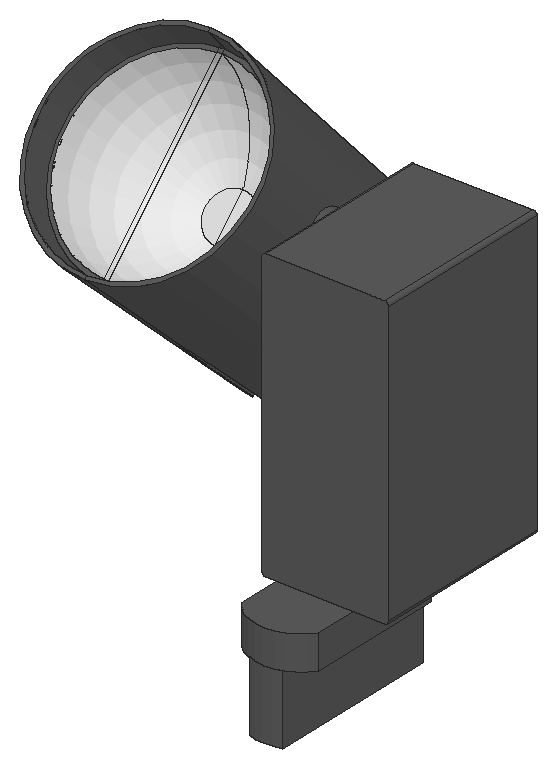
Revit family "0004835 Feilo Sylvania Lighting Fixture START TRACK SPOT S 14W 3K RA80 NB BLACK", category Lighting Fixtures, host Face, Revit 2017 (continued)
Definition of nested family "Start Track Spot Head"
  Types (96, lengths in mm): name | Wattage | built-in parameter 1150134 | Photometric Web File | Model | built-in parameter 1150105 | Lumens | built-in parameter 1150107 | built-in parameter 1150106 | HeadThickness_FEILO | HeadRibOffset_FEILO | HeadRibDepth_FEILO | HeadRibCutWidth_FEILO | HeadRibCutOffset_FEILO | HeadReflectorRadius_FEILO | HeadReflectorOffset_FEILO | HeadLEDRadius_FEILO | HeadHeight_FEILO | HeadDiffusorOffset_FEILO | HeadDiaOut_FEILO | HeadDiaIn_FEILO | HeadAxisFromTop_FEILO | Emit from Circle Diameter | built-in parameter 1150104 | Description | Apparent Load
    0004864 START TRACK SPOT S 24W 3K RA90 WB WHITE | 24 W | (empty or 0) | "0004864.ies" | "START TRACK SPOT S 24W 3K RA90 WB WHITE" | 152.79 (stored number, unit not read) | 1920 lm | 3000 (stored number, unit not read) | 1.5279 (stored number, unit not read) | 1.5 | 4.179 | 55.714 | 7.167 | 50.87 | 50.588 | 55.714 | 9.556 | 117 | 9.435 | 86 | 77.477 | 69.354 | 77.477 | 7.4322 (stored number, unit not read) | "Integrated LED spotlight, Textured White - RAL9016, compact and minimalist design, ideal for retail applications, die-cast aluminium body, passive cooling heatsink. Beam angle: 64°, color temperature: 3000K , total system power: 24W, total fixture output: 1928 lm, LOR: 100%, colour rendering: Ra: 90 typical, LED Chromaticity: 3 step MacAdam ellipse, lifetime: >50000 hours at L70B50, energy class: A++, A+, A, IR/UV free light source without heat radiation, operating voltage: 220-240V / 50-60Hz, drive current: 600mA, electronic driver, non-dimmable, power factor: 0.95, electrical protection: Class II, Global Track 3 Phase adapter suitable for Global trac 3-circuit tracks, ingress protection rating: IP20, suitable for internal environment only, horizontal rotation: 355°, vertical tilt: 90°, dimensions: Ø86x140x200, weight: 0.966kg." | 24 VA
    0004863 START TRACK SPOT S 24W 3K RA90 MB WHITE | 24 W | (empty or 0) | "0004863.ies" | "START TRACK SPOT S 24W 3K RA90 MB WHITE" | 154.7 (stored number, unit not read) | 1944 lm | 3000 (stored number, unit not read) | 1.547 (stored number, unit not read) | 1.5 | 4.179 | 55.714 | 7.167 | 50.87 | 50.588 | 55.714 | 9.556 | 117 | 9.435 | 86 | 77.477 | 69.354 | 77.477 | 7.5251 (stored number, unit not read) | "Integrated LED spotlight, Textured White - RAL9016, compact and minimalist design, ideal for retail applications, die-cast aluminium body, passive cooling heatsink. Beam angle: 36°, color temperature: 3000K , total system power: 24W, total fixture output: 1944 lm, LOR: 100%, colour rendering: Ra: 90 typical, LED Chromaticity: 3 step MacAdam ellipse, lifetime: >50000 hours at L70B50, energy class: A++, A+, A, IR/UV free light source without heat radiation, operating voltage: 220-240V / 50-60Hz, drive current: 600mA, electronic driver, non-dimmable, power factor: 0.95, electrical protection: Class II, Global Track 3 Phase adapter suitable for Global trac 3-circuit tracks, ingress protection rating: IP20, suitable for internal environment only, horizontal rotation: 355°, vertical tilt: 90°, dimensions: Ø86x140x200, weight: 0.966kg." | 24 VA
    0004862 START TRACK SPOT S 24W 3K RA90 NB WHITE | 24 W | (empty or 0) | "0004862.ies" | "START TRACK SPOT S 24W 3K RA90 NB WHITE" | 158.52 (stored number, unit not read) | 1992 lm | 3000 (stored number, unit not read) | 1.5852 (stored number, unit not read) | 1.5 | 4.179 | 55.714 | 7.167 | 50.87 | 50.588 | 55.714 | 9.556 | 117 | 9.435 | 86 | 77.477 | 69.354 | 77.477 | 7.711 (stored number, unit not read) | "Integrated LED spotlight, Textured White - RAL9016, compact and minimalist design, ideal for retail applications, die-cast aluminium body, passive cooling heatsink. Beam angle: 12°, color temperature: 3000K , total system power: 24W, total fixture output: 1987 lm, LOR: 100%, colour rendering: Ra: 90 typical, LED Chromaticity: 3 step MacAdam ellipse, lifetime: >50000 hours at L70B50, energy class: A++, A+, A, IR/UV free light source without heat radiation, operating voltage: 220-240V / 50-60Hz, drive current: 600mA, electronic driver, non-dimmable, power factor: 0.95, electrical protection: Class II, Global Track 3 Phase adapter suitable for Global trac 3-circuit tracks, ingress protection rating: IP20, suitable for internal environment only, horizontal rotation: 355°, vertical tilt: 90°, dimensions: Ø86x140x200, weight: 0.966kg." | 24 VA
    0004861 START TRACK SPOT S 14W 3K RA90 WB WHITE | 14 W | (empty or 0) | "0004861.ies" | "START TRACK SPOT S 14W 3K RA90 WB WHITE" | 100.27 (stored number, unit not read) | 1260 lm | 3000 (stored number, unit not read) | 1.0027 (stored number, unit not read) | 1.5 | 4.179 | 55.714 | 7.167 | 50.87 | 50.588 | 55.714 | 9.556 | 117 | 9.435 | 86 | 77.477 | 69.354 | 77.477 | 8.3613 (stored number, unit not read) | "Integrated LED spotlight, Textured White - RAL9016, compact and minimalist design, ideal for retail applications, die-cast aluminium body, passive cooling heatsink. Beam angle: 64°, color temperature: 3000K , total system power: 14W, total fixture output: 1262 lm, LOR: 100%, colour rendering: Ra: 90 typical, LED Chromaticity: 3 step MacAdam ellipse, lifetime: >50000 hours at L70B50, energy class: A++, A+, A, IR/UV free light source without heat radiation, operating voltage: 220-240V / 50-60Hz, drive current: 350mA, electronic driver, non-dimmable, power factor: 0.92, electrical protection: Class II, Global Track 3 Phase adapter suitable for Global trac 3-circuit tracks, ingress protection rating: IP20, suitable for internal environment only, horizontal rotation: 355°, vertical tilt: 90°, dimensions: Ø86x140x200, weight: 0.940kg." | 14 VA
    0004860 START TRACK SPOT S 14W 3K RA90 MB WHITE | 14 W | (empty or 0) | "0004860.ies" | "START TRACK SPOT S 14W 3K RA90 MB WHITE" | 100.27 (stored number, unit not read) | 1260 lm | 3000 (stored number, unit not read) | 1.0027 (stored number, unit not read) | 1.5 | 4.179 | 55.714 | 7.167 | 50.87 | 50.588 | 55.714 | 9.556 | 117 | 9.435 | 86 | 77.477 | 69.354 | 77.477 | 8.3613 (stored number, unit not read) | "Integrated LED spotlight, Textured White - RAL9016, compact and minimalist design, ideal for retail applications, die-cast aluminium body, passive cooling heatsink. Beam angle: 36°, color temperature: 3000K , total system power: 14W, total fixture output: 1262 lm, LOR: 100%, colour rendering: Ra: 90 typical, LED Chromaticity: 3 step MacAdam ellipse, lifetime: >50000 hours at L70B50, energy class: A++, A+, A, IR/UV free light source without heat radiation, operating voltage: 220-240V / 50-60Hz, drive current: 350mA, electronic driver, non-dimmable, power factor: 0.92, electrical protection: Class II, Global Track 3 Phase adapter suitable for Global trac 3-circuit tracks, ingress protection rating: IP20, suitable for internal environment only, horizontal rotation: 355°, vertical tilt: 90°, dimensions: Ø86x140x200, weight: 0.940kg." | 14 VA
    0004859 START TRACK SPOT S 14W 3K RA90 NB WHITE | 14 W | (empty or 0) | "0004859.ies" | "START TRACK SPOT S 14W 3K RA90 NB WHITE" | 102.5 (stored number, unit not read) | 1288 lm | 3000 (stored number, unit not read) | 1.025 (stored number, unit not read) | 1.5 | 4.179 | 55.714 | 7.167 | 50.87 | 50.588 | 55.714 | 9.556 | 117 | 9.435 | 86 | 77.477 | 69.354 | 77.477 | 8.5471 (stored number, unit not read) | "Integrated LED spotlight, Textured White - RAL9016, compact and minimalist design, ideal for retail applications, die-cast aluminium body, passive cooling heatsink. Beam angle: 12°, color temperature: 3000K , total system power: 14W, total fixture output: 1284 lm, LOR: 100%, colour rendering: Ra: 90 typical, LED Chromaticity: 3 step MacAdam ellipse, lifetime: >50000 hours at L70B50, energy class: A++, A+, A, IR/UV free light source without heat radiation, operating voltage: 220-240V / 50-60Hz, drive current: 350mA, electronic driver, non-dimmable, power factor: 0.92, electrical protection: Class II, Global Track 3 Phase adapter suitable for Global trac 3-circuit tracks, ingress protection rating: IP20, suitable for internal environment only, horizontal rotation: 355°, vertical tilt: 90°, dimensions: Ø86x140x200, weight: 0.940kg." | 14 VA
    0004858 START TRACK SPOT L 55W 4K RA80 WB BLACK | 55 W | 12 | "0004858.ies" | "START TRACK SPOT L 55W 4K RA80 WB BLACK" | 424.55 (stored number, unit not read) | 5335 lm | 4000 (stored number, unit not read) | 4.2455 (stored number, unit not read) | 2 | 4.429 | 59.048 | 9.417 | 53.913 | 66.471 | 59.048 | 12.556 | 124 | 10 | 113 | 101.802 | 73.503 | 101.802 | 9.0116 (stored number, unit not read) | "Integrated LED spotlight, Textured Black - RAL9005, compact and minimalist design, ideal for retail applications, die-cast aluminium body, passive cooling heatsink. Beam angle: 52°, color temperature: 4000K , total system power: 55W, total fixture output: 5320 lm, LOR: 100%, colour rendering: Ra: 80 typical, LED Chromaticity: 3 step MacAdam ellipse, lifetime: >50000 hours at L70B50, energy class: A++, A+, A, IR/UV free light source without heat radiation, operating voltage: 220-240V / 50-60Hz, drive current: 1400mA, electronic driver, non-dimmable, power factor: 0.96, electrical protection: Class II, Global Track 3 Phase adapter suitable for Global trac 3-circuit tracks, ingress protection rating: IP20, suitable for internal environment only, horizontal rotation: 355°, vertical tilt: 90°, dimensions: Ø113x164x240, weight: 1.398kg." | 55 VA
    0004857 START TRACK SPOT L 55W 4K RA80 MB BLACK | 55 W | 12 | "0004857.ies" | "START TRACK SPOT L 55W 4K RA80 MB BLACK" | 428.92 (stored number, unit not read) | 5390 lm | 4000 (stored number, unit not read) | 4.2892 (stored number, unit not read) | 2 | 4.429 | 59.048 | 9.417 | 53.913 | 66.471 | 59.048 | 12.556 | 124 | 10 | 113 | 101.802 | 73.503 | 101.802 | 9.1045 (stored number, unit not read) | "Integrated LED spotlight, Textured Black - RAL9005, compact and minimalist design, ideal for retail applications, die-cast aluminium body, passive cooling heatsink. Beam angle: 38°, color temperature: 4000K , total system power: 55W, total fixture output: 5378 lm, LOR: 100%, colour rendering: Ra: 80 typical, LED Chromaticity: 3 step MacAdam ellipse, lifetime: >50000 hours at L70B50, energy class: A++, A+, A, IR/UV free light source without heat radiation, operating voltage: 220-240V / 50-60Hz, drive current: 1400mA, electronic driver, non-dimmable, power factor: 0.96, electrical protection: Class II, Global Track 3 Phase adapter suitable for Global trac 3-circuit tracks, ingress protection rating: IP20, suitable for internal environment only, horizontal rotation: 355°, vertical tilt: 90°, dimensions: Ø113x164x240, weight: 1.398kg." | 55 VA
    0004856 START TRACK SPOT L 55W 4K RA80 NB BLACK | 55 W | 12 | "0004856.ies" | "START TRACK SPOT L 55W 4K RA80 NB BLACK" | 433.3 (stored number, unit not read) | 5445 lm | 4000 (stored number, unit not read) | 4.333 (stored number, unit not read) | 2 | 4.429 | 59.048 | 9.417 | 53.913 | 66.471 | 59.048 | 12.556 | 124 | 10 | 113 | 101.802 | 73.503 | 101.802 | 9.1974 (stored number, unit not read) | "Integrated LED spotlight, Textured Black - RAL9005, compact and minimalist design, ideal for retail applications, die-cast aluminium body, passive cooling heatsink. Beam angle: 15°, color temperature: 4000K , total system power: 55W, total fixture output: 5426 lm, LOR: 100%, colour rendering: Ra: 80 typical, LED Chromaticity: 3 step MacAdam ellipse, lifetime: >50000 hours at L70B50, energy class: A++, A+, A, IR/UV free light source without heat radiation, operating voltage: 220-240V / 50-60Hz, drive current: 1400mA, electronic driver, non-dimmable, power factor: 0.96, electrical protection: Class II, Global Track 3 Phase adapter suitable for Global trac 3-circuit tracks, ingress protection rating: IP20, suitable for internal environment only, horizontal rotation: 355°, vertical tilt: 90°, dimensions: Ø113x164x240, weight: 1.398kg." | 55 VA
    0004855 START TRACK SPOT L 35W 4K RA80 WB BLACK | 35 W | 12 | "0004855.ies" | "START TRACK SPOT L 35W 4K RA80 WB BLACK" | 320.3 (stored number, unit not read) | 4025 lm | 4000 (stored number, unit not read) | 3.203 (stored number, unit not read) | 2 | 4.429 | 59.048 | 9.417 | 53.913 | 66.471 | 59.048 | 12.556 | 124 | 10 | 113 | 101.802 | 73.503 | 101.802 | 10.684 (stored number, unit not read) | "Integrated LED spotlight, Textured Black - RAL9005, compact and minimalist design, ideal for retail applications, die-cast aluminium body, passive cooling heatsink. Beam angle: 52°, color temperature: 4000K , total system power: 35W, total fixture output: 4010 lm, LOR: 100%, colour rendering: Ra: 80 typical, LED Chromaticity: 3 step MacAdam ellipse, lifetime: >50000 hours at L70B50, energy class: A++, A+, A, IR/UV free light source without heat radiation, operating voltage: 220-240V / 50-60Hz, drive current: 900mA, electronic driver, non-dimmable, power factor: 0.93, electrical protection: Class II, Global Track 3 Phase adapter suitable for Global trac 3-circuit tracks, ingress protection rating: IP20, suitable for internal environment only, horizontal rotation: 355°, vertical tilt: 90°, dimensions: Ø113x164x240, weight: 1.368kg." | 35 VA
    0004854 START TRACK SPOT L 35W 4K RA80 MB BLACK | 35 W | 12 | "0004854.ies" | "START TRACK SPOT L 35W 4K RA80 MB BLACK" | 320.3 (stored number, unit not read) | 4025 lm | 4000 (stored number, unit not read) | 3.203 (stored number, unit not read) | 2 | 4.429 | 59.048 | 9.417 | 53.913 | 66.471 | 59.048 | 12.556 | 124 | 10 | 113 | 101.802 | 73.503 | 101.802 | 10.684 (stored number, unit not read) | "Integrated LED spotlight, Textured Black - RAL9005, compact and minimalist design, ideal for retail applications, die-cast aluminium body, passive cooling heatsink. Beam angle: 38°, color temperature: 4000K , total system power: 35W, total fixture output: 4017 lm, LOR: 100%, colour rendering: Ra: 80 typical, LED Chromaticity: 3 step MacAdam ellipse, lifetime: >50000 hours at L70B50, energy class: A++, A+, A, IR/UV free light source without heat radiation, operating voltage: 220-240V / 50-60Hz, drive current: 900mA, electronic driver, non-dimmable, power factor: 0.93, electrical protection: Class II, Global Track 3 Phase adapter suitable for Global trac 3-circuit tracks, ingress protection rating: IP20, suitable for internal environment only, horizontal rotation: 355°, vertical tilt: 90°, dimensions: Ø113x164x240, weight: 1.368kg." | 35 VA
    0004853 START TRACK SPOT L 35W 4K RA80 NB BLACK | 35 W | 12 | "0004853.ies" | "START TRACK SPOT L 35W 4K RA80 NB BLACK" | 331.44 (stored number, unit not read) | 4165 lm | 4000 (stored number, unit not read) | 3.3144 (stored number, unit not read) | 2 | 4.429 | 59.048 | 9.417 | 53.913 | 66.471 | 59.048 | 12.556 | 124 | 10 | 113 | 101.802 | 73.503 | 101.802 | 11.055 (stored number, unit not read) | "Integrated LED spotlight, Textured Black - RAL9005, compact and minimalist design, ideal for retail applications, die-cast aluminium body, passive cooling heatsink. Beam angle: 15°, color temperature: 4000K , total system power: 35W, total fixture output: 4174 lm, LOR: 100%, colour rendering: Ra: 80 typical, LED Chromaticity: 3 step MacAdam ellipse, lifetime: >50000 hours at L70B50, energy class: A++, A+, A, IR/UV free light source without heat radiation, operating voltage: 220-240V / 50-60Hz, drive current: 900mA, electronic driver, non-dimmable, power factor: 0.93, electrical protection: Class II, Global Track 3 Phase adapter suitable for Global trac 3-circuit tracks, ingress protection rating: IP20, suitable for internal environment only, horizontal rotation: 355°, vertical tilt: 90°, dimensions: Ø113x164x240, weight: 1.368kg." | 35 VA
    0004852 START TRACK SPOT S 24W 4K RA80 WB BLACK | 24 W | 12 | "0004852.ies" | "START TRACK SPOT S 24W 4K RA80 WB BLACK" | 196.72 (stored number, unit not read) | 2472 lm | 4000 (stored number, unit not read) | 1.9672 (stored number, unit not read) | 1.5 | 4.179 | 55.714 | 7.167 | 50.87 | 50.588 | 55.714 | 9.556 | 117 | 9.435 | 86 | 77.477 | 69.354 | 77.477 | 9.569 (stored number, unit not read) | "Integrated LED spotlight, Textured Black - RAL9005, compact and minimalist design, ideal for retail applications, die-cast aluminium body, passive cooling heatsink. Beam angle: 64°, color temperature: 4000K , total system power: 24W, total fixture output: 2476 lm, LOR: 100%, colour rendering: Ra: 80 typical, LED Chromaticity: 3 step MacAdam ellipse, lifetime: >50000 hours at L70B50, energy class: A++, A+, A, IR/UV free light source without heat radiation, operating voltage: 220-240V / 50-60Hz, drive current: 600mA, electronic driver, non-dimmable, power factor: 0.95, electrical protection: Class II, Global Track 3 Phase adapter suitable for Global trac 3-circuit tracks, ingress protection rating: IP20, suitable for internal environment only, horizontal rotation: 355°, vertical tilt: 90°, dimensions: Ø86x140x200, weight: 0.966kg." | 24 VA
    0004851 START TRACK SPOT S 24W 4K RA80 MB BLACK | 24 W | 12 | "0004851.ies" | "START TRACK SPOT S 24W 4K RA80 MB BLACK" | 198.63 (stored number, unit not read) | 2496 lm | 4000 (stored number, unit not read) | 1.9863 (stored number, unit not read) | 1.5 | 4.179 | 55.714 | 7.167 | 50.87 | 50.588 | 55.714 | 9.556 | 117 | 9.435 | 86 | 77.477 | 69.354 | 77.477 | 9.6619 (stored number, unit not read) | "Integrated LED spotlight, Textured Black - RAL9005, compact and minimalist design, ideal for retail applications, die-cast aluminium body, passive cooling heatsink. Beam angle: 36°, color temperature: 4000K , total system power: 24W, total fixture output: 2487 lm, LOR: 100%, colour rendering: Ra: 80 typical, LED Chromaticity: 3 step MacAdam ellipse, lifetime: >50000 hours at L70B50, energy class: A++, A+, A, IR/UV free light source without heat radiation, operating voltage: 220-240V / 50-60Hz, drive current: 600mA, electronic driver, non-dimmable, power factor: 0.95, electrical protection: Class II, Global Track 3 Phase adapter suitable for Global trac 3-circuit tracks, ingress protection rating: IP20, suitable for internal environment only, horizontal rotation: 355°, vertical tilt: 90°, dimensions: Ø86x140x200, weight: 0.966kg." | 24 VA
    0004850 START TRACK SPOT S 24W 4K RA80 NB BLACK | 24 W | 12 | "0004850.ies" | "START TRACK SPOT S 24W 4K RA80 NB BLACK" | 200.54 (stored number, unit not read) | 2520 lm | 4000 (stored number, unit not read) | 2.0054 (stored number, unit not read) | 1.5 | 4.179 | 55.714 | 7.167 | 50.87 | 50.588 | 55.714 | 9.556 | 117 | 9.435 | 86 | 77.477 | 69.354 | 77.477 | 9.7548 (stored number, unit not read) | "Integrated LED spotlight, Textured Black - RAL9005, compact and minimalist design, ideal for retail applications, die-cast aluminium body, passive cooling heatsink. Beam angle: 12°, color temperature: 4000K , total system power: 24W, total fixture output: 2529 lm, LOR: 100%, colour rendering: Ra: 80 typical, LED Chromaticity: 3 step MacAdam ellipse, lifetime: >50000 hours at L70B50, energy class: A++, A+, A, IR/UV free light source without heat radiation, operating voltage: 220-240V / 50-60Hz, drive current: 600mA, electronic driver, non-dimmable, power factor: 0.95, electrical protection: Class II, Global Track 3 Phase adapter suitable for Global trac 3-circuit tracks, ingress protection rating: IP20, suitable for internal environment only, horizontal rotation: 355°, vertical tilt: 90°, dimensions: Ø86x140x200, weight: 0.966kg." | 24 VA
    0004849 START TRACK SPOT S 14W 4K RA80 WB BLACK | 14 W | 12 | "0004849.ies" | "START TRACK SPOT S 14W 4K RA80 WB BLACK" | 123.66 (stored number, unit not read) | 1554 lm | 4000 (stored number, unit not read) | 1.2366 (stored number, unit not read) | 1.5 | 4.179 | 55.714 | 7.167 | 50.87 | 50.588 | 55.714 | 9.556 | 117 | 9.435 | 86 | 77.477 | 69.354 | 77.477 | 10.312 (stored number, unit not read) | "Integrated LED spotlight, Textured Black - RAL9005, compact and minimalist design, ideal for retail applications, die-cast aluminium body, passive cooling heatsink. Beam angle: 64°, color temperature: 4000K , total system power: 14W, total fixture output: 1558 lm, LOR: 100%, colour rendering: Ra: 80 typical, LED Chromaticity: 3 step MacAdam ellipse, lifetime: >50000 hours at L70B50, energy class: A++, A+, A, IR/UV free light source without heat radiation, operating voltage: 220-240V / 50-60Hz, drive current: 350mA, electronic driver, non-dimmable, power factor: 0.92, electrical protection: Class II, Global Track 3 Phase adapter suitable for Global trac 3-circuit tracks, ingress protection rating: IP20, suitable for internal environment only, horizontal rotation: 355°, vertical tilt: 90°, dimensions: Ø86x140x200, weight: 0.940kg." | 14 VA
    0004848 START TRACK SPOT S 14W 4K RA80 MB BLACK | 14 W | 12 | "0004848.ies" | "START TRACK SPOT S 14W 4K RA80 MB BLACK" | 127.01 (stored number, unit not read) | 1596 lm | 4000 (stored number, unit not read) | 1.2701 (stored number, unit not read) | 1.5 | 4.179 | 55.714 | 7.167 | 50.87 | 50.588 | 55.714 | 9.556 | 117 | 9.435 | 86 | 77.477 | 69.354 | 77.477 | 10.591 (stored number, unit not read) | "Integrated LED spotlight, Textured Black - RAL9005, compact and minimalist design, ideal for retail applications, die-cast aluminium body, passive cooling heatsink. Beam angle: 36°, color temperature: 4000K , total system power: 14W, total fixture output: 1598 lm, LOR: 100%, colour rendering: Ra: 80 typical, LED Chromaticity: 3 step MacAdam ellipse, lifetime: >50000 hours at L70B50, energy class: A++, A+, A, IR/UV free light source without heat radiation, operating voltage: 220-240V / 50-60Hz, drive current: 350mA, electronic driver, non-dimmable, power factor: 0.92, electrical protection: Class II, Global Track 3 Phase adapter suitable for Global trac 3-circuit tracks, ingress protection rating: IP20, suitable for internal environment only, horizontal rotation: 355°, vertical tilt: 90°, dimensions: Ø86x140x200, weight: 0.940kg." | 14 VA
    0004847 START TRACK SPOT S 14W 4K RA80 NB BLACK | 14 W | 12 | "0004847.ies" | "START TRACK SPOT S 14W 4K RA80 NB BLACK" | 128.12 (stored number, unit not read) | 1610 lm | 4000 (stored number, unit not read) | 1.2812 (stored number, unit not read) | 1.5 | 4.179 | 55.714 | 7.167 | 50.87 | 50.588 | 55.714 | 9.556 | 117 | 9.435 | 86 | 77.477 | 69.354 | 77.477 | 10.684 (stored number, unit not read) | "Integrated LED spotlight, Textured Black - RAL9005, compact and minimalist design, ideal for retail applications, die-cast aluminium body, passive cooling heatsink. Beam angle: 12°, color temperature: 4000K , total system power: 14W, total fixture output: 1608 lm, LOR: 100%, colour rendering: Ra: 80 typical, LED Chromaticity: 3 step MacAdam ellipse, lifetime: >50000 hours at L70B50, energy class: A++, A+, A, IR/UV free light source without heat radiation, operating voltage: 220-240V / 50-60Hz, drive current: 350mA, electronic driver, non-dimmable, power factor: 0.92, electrical protection: Class II, Global Track 3 Phase adapter suitable for Global trac 3-circuit tracks, ingress protection rating: IP20, suitable for internal environment only, horizontal rotation: 355°, vertical tilt: 90°, dimensions: Ø86x140x200, weight: 0.940kg." | 14 VA
    0004846 START TRACK SPOT L 55W 3K RA80 WB BLACK | 55 W | (empty or 0) | "0004846.ies" | "START TRACK SPOT L 55W 3K RA80 WB BLACK" | 420.17 (stored number, unit not read) | 5280 lm | 3000 (stored number, unit not read) | 4.2017 (stored number, unit not read) | 2 | 4.429 | 59.048 | 9.417 | 53.913 | 66.471 | 59.048 | 12.556 | 124 | 10 | 113 | 101.802 | 73.503 | 101.802 | 8.9187 (stored number, unit not read) | "Integrated LED spotlight, Textured Black - RAL9005, compact and minimalist design, ideal for retail applications, die-cast aluminium body, passive cooling heatsink. Beam angle: 52°, color temperature: 3000K , total system power: 55W, total fixture output: 5298 lm, LOR: 100%, colour rendering: Ra: 80 typical, LED Chromaticity: 3 step MacAdam ellipse, lifetime: >50000 hours at L70B50, energy class: A++, A+, A, IR/UV free light source without heat radiation, operating voltage: 220-240V / 50-60Hz, drive current: 1400mA, electronic driver, non-dimmable, power factor: 0.96, electrical protection: Class II, Global Track 3 Phase adapter suitable for Global trac 3-circuit tracks, ingress protection rating: IP20, suitable for internal environment only, horizontal rotation: 355°, vertical tilt: 90°, dimensions: Ø113x164x240, weight: 1.398kg." | 55 VA
    0004845 START TRACK SPOT L 55W 3K RA80 MB BLACK | 55 W | (empty or 0) | "0004845.ies" | "START TRACK SPOT L 55W 3K RA80 MB BLACK" | 428.92 (stored number, unit not read) | 5390 lm | 3000 (stored number, unit not read) | 4.2892 (stored number, unit not read) | 2 | 4.429 | 59.048 | 9.417 | 53.913 | 66.471 | 59.048 | 12.556 | 124 | 10 | 113 | 101.802 | 73.503 | 101.802 | 9.1045 (stored number, unit not read) | "Integrated LED spotlight, Textured Black - RAL9005, compact and minimalist design, ideal for retail applications, die-cast aluminium body, passive cooling heatsink. Beam angle: 38°, color temperature: 3000K , total system power: 55W, total fixture output: 5381 lm, LOR: 100%, colour rendering: Ra: 80 typical, LED Chromaticity: 3 step MacAdam ellipse, lifetime: >50000 hours at L70B50, energy class: A++, A+, A, IR/UV free light source without heat radiation, operating voltage: 220-240V / 50-60Hz, drive current: 1400mA, electronic driver, non-dimmable, power factor: 0.96, electrical protection: Class II, Global Track 3 Phase adapter suitable for Global trac 3-circuit tracks, ingress protection rating: IP20, suitable for internal environment only, horizontal rotation: 355°, vertical tilt: 90°, dimensions: Ø113x164x240, weight: 1.398kg." | 55 VA
    0004844 START TRACK SPOT L 55W 3K RA80 NB BLACK | 55 W | (empty or 0) | "0004844.ies" | "START TRACK SPOT L 55W 3K RA80 NB BLACK" | 433.3 (stored number, unit not read) | 5445 lm | 3000 (stored number, unit not read) | 4.333 (stored number, unit not read) | 2 | 4.429 | 59.048 | 9.417 | 53.913 | 66.471 | 59.048 | 12.556 | 124 | 10 | 113 | 101.802 | 73.503 | 101.802 | 9.1974 (stored number, unit not read) | "Integrated LED spotlight, Textured Black - RAL9005, compact and minimalist design, ideal for retail applications, die-cast aluminium body, passive cooling heatsink. Beam angle: 15°, color temperature: 3000K , total system power: 55W, total fixture output: 5449 lm, LOR: 100%, colour rendering: Ra: 80 typical, LED Chromaticity: 3 step MacAdam ellipse, lifetime: >50000 hours at L70B50, energy class: A++, A+, A, IR/UV free light source without heat radiation, operating voltage: 220-240V / 50-60Hz, drive current: 1400mA, electronic driver, non-dimmable, power factor: 0.96, electrical protection: Class II, Global Track 3 Phase adapter suitable for Global trac 3-circuit tracks, ingress protection rating: IP20, suitable for internal environment only, horizontal rotation: 355°, vertical tilt: 90°, dimensions: Ø113x164x240, weight: 1.398kg." | 55 VA
    0004843 START TRACK SPOT L 35W 3K RA80 WB BLACK | 35 W | (empty or 0) | "0004843.ies" | "START TRACK SPOT L 35W 3K RA80 WB BLACK" | 314.73 (stored number, unit not read) | 3955 lm | 3000 (stored number, unit not read) | 3.1473 (stored number, unit not read) | 2 | 4.429 | 59.048 | 9.417 | 53.913 | 66.471 | 59.048 | 12.556 | 124 | 10 | 113 | 101.802 | 73.503 | 101.802 | 10.498 (stored number, unit not read) | "Integrated LED spotlight, Textured Black - RAL9005, compact and minimalist design, ideal for retail applications, die-cast aluminium body, passive cooling heatsink. Beam angle: 52°, color temperature: 3000K , total system power: 35W, total fixture output: 3943 lm, LOR: 100%, colour rendering: Ra: 80 typical, LED Chromaticity: 3 step MacAdam ellipse, lifetime: >50000 hours at L70B50, energy class: A++, A+, A, IR/UV free light source without heat radiation, operating voltage: 220-240V / 50-60Hz, drive current: 900mA, electronic driver, non-dimmable, power factor: 0.93, electrical protection: Class II, Global Track 3 Phase adapter suitable for Global trac 3-circuit tracks, ingress protection rating: IP20, suitable for internal environment only, horizontal rotation: 355°, vertical tilt: 90°, dimensions: Ø113x164x240, weight: 1.368kg." | 35 VA
    0004842 START TRACK SPOT L 35W 3K RA80 MB BLACK | 35 W | (empty or 0) | "0004842.ies" | "START TRACK SPOT L 35W 3K RA80 MB BLACK" | 320.3 (stored number, unit not read) | 4025 lm | 3000 (stored number, unit not read) | 3.203 (stored number, unit not read) | 2 | 4.429 | 59.048 | 9.417 | 53.913 | 66.471 | 59.048 | 12.556 | 124 | 10 | 113 | 101.802 | 73.503 | 101.802 | 10.684 (stored number, unit not read) | "Integrated LED spotlight, Textured Black - RAL9005, compact and minimalist design, ideal for retail applications, die-cast aluminium body, passive cooling heatsink. Beam angle: 38°, color temperature: 3000K , total system power: 35W, total fixture output: 4008 lm, LOR: 100%, colour rendering: Ra: 80 typical, LED Chromaticity: 3 step MacAdam ellipse, lifetime: >50000 hours at L70B50, energy class: A++, A+, A, IR/UV free light source without heat radiation, operating voltage: 220-240V / 50-60Hz, drive current: 900mA, electronic driver, non-dimmable, power factor: 0.93, electrical protection: Class II, Global Track 3 Phase adapter suitable for Global trac 3-circuit tracks, ingress protection rating: IP20, suitable for internal environment only, horizontal rotation: 355°, vertical tilt: 90°, dimensions: Ø113x164x240, weight: 1.368kg." | 35 VA
    0004841 START TRACK SPOT L 35W 3K RA80 NB BLACK | 35 W | (empty or 0) | "0004841.ies" | "START TRACK SPOT L 35W 3K RA80 NB BLACK" | 317.51 (stored number, unit not read) | 3990 lm | 3000 (stored number, unit not read) | 3.1751 (stored number, unit not read) | 2 | 4.429 | 59.048 | 9.417 | 53.913 | 66.471 | 59.048 | 12.556 | 124 | 10 | 113 | 101.802 | 73.503 | 101.802 | 10.591 (stored number, unit not read) | "Integrated LED spotlight, Textured Black - RAL9005, compact and minimalist design, ideal for retail applications, die-cast aluminium body, passive cooling heatsink. Beam angle: 15°, color temperature: 3000K , total system power: 35W, total fixture output: 4005 lm, LOR: 100%, colour rendering: Ra: 80 typical, LED Chromaticity: 3 step MacAdam ellipse, lifetime: >50000 hours at L70B50, energy class: A++, A+, A, IR/UV free light source without heat radiation, operating voltage: 220-240V / 50-60Hz, drive current: 900mA, electronic driver, non-dimmable, power factor: 0.93, electrical protection: Class II, Global Track 3 Phase adapter suitable for Global trac 3-circuit tracks, ingress protection rating: IP20, suitable for internal environment only, horizontal rotation: 355°, vertical tilt: 90°, dimensions: Ø113x164x240, weight: 1.368kg." | 35 VA
    0004840 START TRACK SPOT S 24W 3K RA80 WB BLACK | 24 W | (empty or 0) | "0004840.ies" | "START TRACK SPOT S 24W 3K RA80 WB BLACK" | 185.26 (stored number, unit not read) | 2328 lm | 3000 (stored number, unit not read) | 1.8526 (stored number, unit not read) | 1.5 | 4.179 | 55.714 | 7.167 | 50.87 | 50.588 | 55.714 | 9.556 | 117 | 9.435 | 86 | 77.477 | 69.354 | 77.477 | 9.0116 (stored number, unit not read) | "Integrated LED spotlight, Textured Black - RAL9005, compact and minimalist design, ideal for retail applications, die-cast aluminium body, passive cooling heatsink. Beam angle: 64°, color temperature: 3000K , total system power: 24W, total fixture output: 2318 lm, LOR: 100%, colour rendering: Ra: 80 typical, LED Chromaticity: 3 step MacAdam ellipse, lifetime: >50000 hours at L70B50, energy class: A++, A+, A, IR/UV free light source without heat radiation, operating voltage: 220-240V / 50-60Hz, drive current: 600mA, electronic driver, non-dimmable, power factor: 0.95, electrical protection: Class II, Global Track 3 Phase adapter suitable for Global trac 3-circuit tracks, ingress protection rating: IP20, suitable for internal environment only, horizontal rotation: 355°, vertical tilt: 90°, dimensions: Ø86x140x200, weight: 0.966kg." | 24 VA
    0004839 START TRACK SPOT S 24W 3K RA80 MB BLACK | 24 W | (empty or 0) | "0004839.ies" | "START TRACK SPOT S 24W 3K RA80 MB BLACK" | 183.35 (stored number, unit not read) | 2304 lm | 3000 (stored number, unit not read) | 1.8335 (stored number, unit not read) | 1.5 | 4.179 | 55.714 | 7.167 | 50.87 | 50.588 | 55.714 | 9.556 | 117 | 9.435 | 86 | 77.477 | 69.354 | 77.477 | 8.9187 (stored number, unit not read) | "Integrated LED spotlight, Textured Black - RAL9005, compact and minimalist design, ideal for retail applications, die-cast aluminium body, passive cooling heatsink. Beam angle: 36°, color temperature: 3000K , total system power: 24W, total fixture output: 2314 lm, LOR: 100%, colour rendering: Ra: 80 typical, LED Chromaticity: 3 step MacAdam ellipse, lifetime: >50000 hours at L70B50, energy class: A++, A+, A, IR/UV free light source without heat radiation, operating voltage: 220-240V / 50-60Hz, drive current: 600mA, electronic driver, non-dimmable, power factor: 0.95, electrical protection: Class II, Global Track 3 Phase adapter suitable for Global trac 3-circuit tracks, ingress protection rating: IP20, suitable for internal environment only, horizontal rotation: 355°, vertical tilt: 90°, dimensions: Ø86x140x200, weight: 0.966kg." | 24 VA
    0004838 START TRACK SPOT S 24W 3K RA80 NB BLACK | 24 W | (empty or 0) | "0004838.ies" | "START TRACK SPOT S 24W 3K RA80 NB BLACK" | 185.26 (stored number, unit not read) | 2328 lm | 3000 (stored number, unit not read) | 1.8526 (stored number, unit not read) | 1.5 | 4.179 | 55.714 | 7.167 | 50.87 | 50.588 | 55.714 | 9.556 | 117 | 9.435 | 86 | 77.477 | 69.354 | 77.477 | 9.0116 (stored number, unit not read) | "Integrated LED spotlight, Textured Black - RAL9005, compact and minimalist design, ideal for retail applications, die-cast aluminium body, passive cooling heatsink. Beam angle: 12°, color temperature: 3000K , total system power: 24W, total fixture output: 2334 lm, LOR: 100%, colour rendering: Ra: 80 typical, LED Chromaticity: 3 step MacAdam ellipse, lifetime: >50000 hours at L70B50, energy class: A++, A+, A, IR/UV free light source without heat radiation, operating voltage: 220-240V / 50-60Hz, drive current: 600mA, electronic driver, non-dimmable, power factor: 0.95, electrical protection: Class II, Global Track 3 Phase adapter suitable for Global trac 3-circuit tracks, ingress protection rating: IP20, suitable for internal environment only, horizontal rotation: 355°, vertical tilt: 90°, dimensions: Ø86x140x200, weight: 0.966kg." | 24 VA
    0004837 START TRACK SPOT S 14W 3K RA80 WB BLACK | 14 W | (empty or 0) | "0004837.ies" | "START TRACK SPOT S 14W 3K RA80 WB BLACK" | 119.21 (stored number, unit not read) | 1498 lm | 3000 (stored number, unit not read) | 1.1921 (stored number, unit not read) | 1.5 | 4.179 | 55.714 | 7.167 | 50.87 | 50.588 | 55.714 | 9.556 | 117 | 9.435 | 86 | 77.477 | 69.354 | 77.477 | 9.9406 (stored number, unit not read) | "Integrated LED spotlight, Textured Black - RAL9005, compact and minimalist design, ideal for retail applications, die-cast aluminium body, passive cooling heatsink. Beam angle: 64°, color temperature: 3000K , total system power: 14W, total fixture output: 1498 lm, LOR: 100%, colour rendering: Ra: 80 typical, LED Chromaticity: 3 step MacAdam ellipse, lifetime: >50000 hours at L70B50, energy class: A++, A+, A, IR/UV free light source without heat radiation, operating voltage: 220-240V / 50-60Hz, drive current: 350mA, electronic driver, non-dimmable, power factor: 0.92, electrical protection: Class II, Global Track 3 Phase adapter suitable for Global trac 3-circuit tracks, ingress protection rating: IP20, suitable for internal environment only, horizontal rotation: 355°, vertical tilt: 90°, dimensions: Ø86x140x200, weight: 0.940kg." | 14 VA
    0004836 START TRACK SPOT S 14W 3K RA80 MB BLACK | 14 W | (empty or 0) | "0004836.ies" | "START TRACK SPOT S 14W 3K RA80 MB BLACK" | 120.32 (stored number, unit not read) | 1512 lm | 3000 (stored number, unit not read) | 1.2032 (stored number, unit not read) | 1.5 | 4.179 | 55.714 | 7.167 | 50.87 | 50.588 | 55.714 | 9.556 | 117 | 9.435 | 86 | 77.477 | 69.354 | 77.477 | 10.034 (stored number, unit not read) | "Integrated LED spotlight, Textured Black - RAL9005, compact and minimalist design, ideal for retail applications, die-cast aluminium body, passive cooling heatsink. Beam angle: 36°, color temperature: 3000K , total system power: 14W, total fixture output: 1508 lm, LOR: 100%, colour rendering: Ra: 80 typical, LED Chromaticity: 3 step MacAdam ellipse, lifetime: >50000 hours at L70B50, energy class: A++, A+, A, IR/UV free light source without heat radiation, operating voltage: 220-240V / 50-60Hz, drive current: 350mA, electronic driver, non-dimmable, power factor: 0.92, electrical protection: Class II, Global Track 3 Phase adapter suitable for Global trac 3-circuit tracks, ingress protection rating: IP20, suitable for internal environment only, horizontal rotation: 355°, vertical tilt: 90°, dimensions: Ø86x140x200, weight: 0.940kg." | 14 VA
    0004835 START TRACK SPOT S 14W 3K RA80 NB BLACK | 14 W | (empty or 0) | "0004835.ies" | "START TRACK SPOT S 14W 3K RA80 NB BLACK" | 123.66 (stored number, unit not read) | 1554 lm | 3000 (stored number, unit not read) | 1.2366 (stored number, unit not read) | 1.5 | 4.179 | 55.714 | 7.167 | 50.87 | 50.588 | 55.714 | 9.556 | 117 | 9.435 | 86 | 77.477 | 69.354 | 77.477 | 10.312 (stored number, unit not read) | "Integrated LED spotlight, Textured Black - RAL9005, compact and minimalist design, ideal for retail applications, die-cast aluminium body, passive cooling heatsink. Beam angle: 12°, color temperature: 3000K , total system power: 14W, total fixture output: 1551 lm, LOR: 100%, colour rendering: Ra: 80 typical, LED Chromaticity: 3 step MacAdam ellipse, lifetime: >50000 hours at L70B50, energy class: A++, A+, A, IR/UV free light source without heat radiation, operating voltage: 220-240V / 50-60Hz, drive current: 350mA, electronic driver, non-dimmable, power factor: 0.92, electrical protection: Class II, Global Track 3 Phase adapter suitable for Global trac 3-circuit tracks, ingress protection rating: IP20, suitable for internal environment only, horizontal rotation: 355°, vertical tilt: 90°, dimensions: Ø86x140x200, weight: 0.940kg." | 14 VA
    0004834 START TRACK SPOT L 55W 4K RA80 WB WHITE | 55 W | 12 | "0004834.ies" | "START TRACK SPOT L 55W 4K RA80 WB WHITE" | 424.55 (stored number, unit not read) | 5335 lm | 4000 (stored number, unit not read) | 4.2455 (stored number, unit not read) | 2 | 4.429 | 59.048 | 9.417 | 53.913 | 66.471 | 59.048 | 12.556 | 124 | 10 | 113 | 101.802 | 73.503 | 101.802 | 9.0116 (stored number, unit not read) | "Integrated LED spotlight, Textured White - RAL9016, compact and minimalist design, ideal for retail applications, die-cast aluminium body, passive cooling heatsink. Beam angle: 52°, color temperature: 4000K , total system power: 55W, total fixture output: 5320 lm, LOR: 100%, colour rendering: Ra: 80 typical, LED Chromaticity: 3 step MacAdam ellipse, lifetime: >50000 hours at L70B50, energy class: A++, A+, A, IR/UV free light source without heat radiation, operating voltage: 220-240V / 50-60Hz, drive current: 1400mA, electronic driver, non-dimmable, power factor: 0.96, electrical protection: Class II, Global Track 3 Phase adapter suitable for Global trac 3-circuit tracks, ingress protection rating: IP20, suitable for internal environment only, horizontal rotation: 355°, vertical tilt: 90°, dimensions: Ø113x164x240, weight: 1.398kg." | 55 VA
    0004833 START TRACK SPOT L 55W 4K RA80 MB WHITE | 55 W | 12 | "0004833.ies" | "START TRACK SPOT L 55W 4K RA80 MB WHITE" | 428.92 (stored number, unit not read) | 5390 lm | 4000 (stored number, unit not read) | 4.2892 (stored number, unit not read) | 2 | 4.429 | 59.048 | 9.417 | 53.913 | 66.471 | 59.048 | 12.556 | 124 | 10 | 113 | 101.802 | 73.503 | 101.802 | 9.1045 (stored number, unit not read) | "Integrated LED spotlight, Textured White - RAL9016, compact and minimalist design, ideal for retail applications, die-cast aluminium body, passive cooling heatsink. Beam angle: 38°, color temperature: 4000K , total system power: 55W, total fixture output: 5378 lm, LOR: 100%, colour rendering: Ra: 80 typical, LED Chromaticity: 3 step MacAdam ellipse, lifetime: >50000 hours at L70B50, energy class: A++, A+, A, IR/UV free light source without heat radiation, operating voltage: 220-240V / 50-60Hz, drive current: 1400mA, electronic driver, non-dimmable, power factor: 0.96, electrical protection: Class II, Global Track 3 Phase adapter suitable for Global trac 3-circuit tracks, ingress protection rating: IP20, suitable for internal environment only, horizontal rotation: 355°, vertical tilt: 90°, dimensions: Ø113x164x240, weight: 1.398kg." | 55 VA
    0004832 START TRACK SPOT L 55W 4K RA80 NB WHITE | 55 W | 12 | "0004832.ies" | "START TRACK SPOT L 55W 4K RA80 NB WHITE" | 433.3 (stored number, unit not read) | 5445 lm | 4000 (stored number, unit not read) | 4.333 (stored number, unit not read) | 2 | 4.429 | 59.048 | 9.417 | 53.913 | 66.471 | 59.048 | 12.556 | 124 | 10 | 113 | 101.802 | 73.503 | 101.802 | 9.1974 (stored number, unit not read) | "Integrated LED spotlight, Textured White - RAL9016, compact and minimalist design, ideal for retail applications, die-cast aluminium body, passive cooling heatsink. Beam angle: 15°, color temperature: 4000K , total system power: 55W, total fixture output: 5426 lm, LOR: 100%, colour rendering: Ra: 80 typical, LED Chromaticity: 3 step MacAdam ellipse, lifetime: >50000 hours at L70B50, energy class: A++, A+, A, IR/UV free light source without heat radiation, operating voltage: 220-240V / 50-60Hz, drive current: 1400mA, electronic driver, non-dimmable, power factor: 0.96, electrical protection: Class II, Global Track 3 Phase adapter suitable for Global trac 3-circuit tracks, ingress protection rating: IP20, suitable for internal environment only, horizontal rotation: 355°, vertical tilt: 90°, dimensions: Ø113x164x240, weight: 1.398kg." | 55 VA
    0004831 START TRACK SPOT L 35W 4K RA80 WB WHITE | 35 W | 12 | "0004831.ies" | "START TRACK SPOT L 35W 4K RA80 WB WHITE" | 320.3 (stored number, unit not read) | 4025 lm | 4000 (stored number, unit not read) | 3.203 (stored number, unit not read) | 2 | 4.429 | 59.048 | 9.417 | 53.913 | 66.471 | 59.048 | 12.556 | 124 | 10 | 113 | 101.802 | 73.503 | 101.802 | 10.684 (stored number, unit not read) | "Integrated LED spotlight, Textured White - RAL9016, compact and minimalist design, ideal for retail applications, die-cast aluminium body, passive cooling heatsink. Beam angle: 52°, color temperature: 4000K , total system power: 35W, total fixture output: 4010 lm, LOR: 100%, colour rendering: Ra: 80 typical, LED Chromaticity: 3 step MacAdam ellipse, lifetime: >50000 hours at L70B50, energy class: A++, A+, A, IR/UV free light source without heat radiation, operating voltage: 220-240V / 50-60Hz, drive current: 900mA, electronic driver, non-dimmable, power factor: 0.93, electrical protection: Class II, Global Track 3 Phase adapter suitable for Global trac 3-circuit tracks, ingress protection rating: IP20, suitable for internal environment only, horizontal rotation: 355°, vertical tilt: 90°, dimensions: Ø113x164x240, weight: 1.368kg." | 35 VA
    0004830 START TRACK SPOT L 35W 4K RA80 MB WHITE | 35 W | 12 | "0004830.ies" | "START TRACK SPOT L 35W 4K RA80 MB WHITE" | 320.3 (stored number, unit not read) | 4025 lm | 4000 (stored number, unit not read) | 3.203 (stored number, unit not read) | 2 | 4.429 | 59.048 | 9.417 | 53.913 | 66.471 | 59.048 | 12.556 | 124 | 10 | 113 | 101.802 | 73.503 | 101.802 | 10.684 (stored number, unit not read) | "Integrated LED spotlight, Textured White - RAL9016, compact and minimalist design, ideal for retail applications, die-cast aluminium body, passive cooling heatsink. Beam angle: 38°, color temperature: 4000K , total system power: 35W, total fixture output: 4017 lm, LOR: 100%, colour rendering: Ra: 80 typical, LED Chromaticity: 3 step MacAdam ellipse, lifetime: >50000 hours at L70B50, energy class: A++, A+, A, IR/UV free light source without heat radiation, operating voltage: 220-240V / 50-60Hz, drive current: 900mA, electronic driver, non-dimmable, power factor: 0.93, electrical protection: Class II, Global Track 3 Phase adapter suitable for Global trac 3-circuit tracks, ingress protection rating: IP20, suitable for internal environment only, horizontal rotation: 355°, vertical tilt: 90°, dimensions: Ø113x164x240, weight: 1.368kg." | 35 VA
    0004829 START TRACK SPOT L 35W 4K RA80 NB WHITE | 35 W | 12 | "0004829.ies" | "START TRACK SPOT L 35W 4K RA80 NB WHITE" | 331.44 (stored number, unit not read) | 4165 lm | 4000 (stored number, unit not read) | 3.3144 (stored number, unit not read) | 2 | 4.429 | 59.048 | 9.417 | 53.913 | 66.471 | 59.048 | 12.556 | 124 | 10 | 113 | 101.802 | 73.503 | 101.802 | 11.055 (stored number, unit not read) | "Integrated LED spotlight, Textured White - RAL9016, compact and minimalist design, ideal for retail applications, die-cast aluminium body, passive cooling heatsink. Beam angle: 15°, color temperature: 4000K , total system power: 35W, total fixture output: 4174 lm, LOR: 100%, colour rendering: Ra: 80 typical, LED Chromaticity: 3 step MacAdam ellipse, lifetime: >50000 hours at L70B50, energy class: A++, A+, A, IR/UV free light source without heat radiation, operating voltage: 220-240V / 50-60Hz, drive current: 900mA, electronic driver, non-dimmable, power factor: 0.93, electrical protection: Class II, Global Track 3 Phase adapter suitable for Global trac 3-circuit tracks, ingress protection rating: IP20, suitable for internal environment only, horizontal rotation: 355°, vertical tilt: 90°, dimensions: Ø113x164x240, weight: 1.368kg." | 35 VA
    0004828 START TRACK SPOT S 24W 4K RA80 WB WHITE | 24 W | 12 | "0004828.ies" | "START TRACK SPOT S 24W 4K RA80 WB WHITE" | 196.72 (stored number, unit not read) | 2472 lm | 4000 (stored number, unit not read) | 1.9672 (stored number, unit not read) | 1.5 | 4.179 | 55.714 | 7.167 | 50.87 | 50.588 | 55.714 | 9.556 | 117 | 9.435 | 86 | 77.477 | 69.354 | 77.477 | 9.569 (stored number, unit not read) | "Integrated LED spotlight, Textured White - RAL9016, compact and minimalist design, ideal for retail applications, die-cast aluminium body, passive cooling heatsink. Beam angle: 64°, color temperature: 4000K , total system power: 24W, total fixture output: 2476 lm, LOR: 100%, colour rendering: Ra: 80 typical, LED Chromaticity: 3 step MacAdam ellipse, lifetime: >50000 hours at L70B50, energy class: A++, A+, A, IR/UV free light source without heat radiation, operating voltage: 220-240V / 50-60Hz, drive current: 600mA, electronic driver, non-dimmable, power factor: 0.95, electrical protection: Class II, Global Track 3 Phase adapter suitable for Global trac 3-circuit tracks, ingress protection rating: IP20, suitable for internal environment only, horizontal rotation: 355°, vertical tilt: 90°, dimensions: Ø86x140x200, weight: 0.966kg." | 24 VA
    0004827 START TRACK SPOT S 24W 4K RA80 MB WHITE | 24 W | 12 | "0004827.ies" | "START TRACK SPOT S 24W 4K RA80 MB WHITE" | 198.63 (stored number, unit not read) | 2496 lm | 4000 (stored number, unit not read) | 1.9863 (stored number, unit not read) | 1.5 | 4.179 | 55.714 | 7.167 | 50.87 | 50.588 | 55.714 | 9.556 | 117 | 9.435 | 86 | 77.477 | 69.354 | 77.477 | 9.6619 (stored number, unit not read) | "Integrated LED spotlight, Textured White - RAL9016, compact and minimalist design, ideal for retail applications, die-cast aluminium body, passive cooling heatsink. Beam angle: 36°, color temperature: 4000K , total system power: 24W, total fixture output: 2487 lm, LOR: 100%, colour rendering: Ra: 80 typical, LED Chromaticity: 3 step MacAdam ellipse, lifetime: >50000 hours at L70B50, energy class: A++, A+, A, IR/UV free light source without heat radiation, operating voltage: 220-240V / 50-60Hz, drive current: 600mA, electronic driver, non-dimmable, power factor: 0.95, electrical protection: Class II, Global Track 3 Phase adapter suitable for Global trac 3-circuit tracks, ingress protection rating: IP20, suitable for internal environment only, horizontal rotation: 355°, vertical tilt: 90°, dimensions: Ø86x140x200, weight: 0.966kg." | 24 VA
    0004826 START TRACK SPOT S 24W 4K RA80 NB WHITE | 24 W | 12 | "0004826.ies" | "START TRACK SPOT S 24W 4K RA80 NB WHITE" | 200.54 (stored number, unit not read) | 2520 lm | 4000 (stored number, unit not read) | 2.0054 (stored number, unit not read) | 1.5 | 4.179 | 55.714 | 7.167 | 50.87 | 50.588 | 55.714 | 9.556 | 117 | 9.435 | 86 | 77.477 | 69.354 | 77.477 | 9.7548 (stored number, unit not read) | "Integrated LED spotlight, Textured White - RAL9016, compact and minimalist design, ideal for retail applications, die-cast aluminium body, passive cooling heatsink. Beam angle: 12°, color temperature: 4000K , total system power: 24W, total fixture output: 2529 lm, LOR: 100%, colour rendering: Ra: 80 typical, LED Chromaticity: 3 step MacAdam ellipse, lifetime: >50000 hours at L70B50, energy class: A++, A+, A, IR/UV free light source without heat radiation, operating voltage: 220-240V / 50-60Hz, drive current: 600mA, electronic driver, non-dimmable, power factor: 0.95, electrical protection: Class II, Global Track 3 Phase adapter suitable for Global trac 3-circuit tracks, ingress protection rating: IP20, suitable for internal environment only, horizontal rotation: 355°, vertical tilt: 90°, dimensions: Ø86x140x200, weight: 0.966kg." | 24 VA
    0004825 START TRACK SPOT S 14W 4K RA80 WB WHITE | 14 W | 12 | "0004825.ies" | "START TRACK SPOT S 14W 4K RA80 WB WHITE" | 123.66 (stored number, unit not read) | 1554 lm | 4000 (stored number, unit not read) | 1.2366 (stored number, unit not read) | 1.5 | 4.179 | 55.714 | 7.167 | 50.87 | 50.588 | 55.714 | 9.556 | 117 | 9.435 | 86 | 77.477 | 69.354 | 77.477 | 10.312 (stored number, unit not read) | "Integrated LED spotlight, Textured White - RAL9016, compact and minimalist design, ideal for retail applications, die-cast aluminium body, passive cooling heatsink. Beam angle: 64°, color temperature: 4000K , total system power: 14W, total fixture output: 1558 lm, LOR: 100%, colour rendering: Ra: 80 typical, LED Chromaticity: 3 step MacAdam ellipse, lifetime: >50000 hours at L70B50, energy class: A++, A+, A, IR/UV free light source without heat radiation, operating voltage: 220-240V / 50-60Hz, drive current: 350mA, electronic driver, non-dimmable, power factor: 0.92, electrical protection: Class II, Global Track 3 Phase adapter suitable for Global trac 3-circuit tracks, ingress protection rating: IP20, suitable for internal environment only, horizontal rotation: 355°, vertical tilt: 90°, dimensions: Ø86x140x200, weight: 0.940kg." | 14 VA
    0004824 START TRACK SPOT S 14W 4K RA80 MB WHITE | 14 W | 12 | "0004824.ies" | "START TRACK SPOT S 14W 4K RA80 MB WHITE" | 127.01 (stored number, unit not read) | 1596 lm | 4000 (stored number, unit not read) | 1.2701 (stored number, unit not read) | 1.5 | 4.179 | 55.714 | 7.167 | 50.87 | 50.588 | 55.714 | 9.556 | 117 | 9.435 | 86 | 77.477 | 69.354 | 77.477 | 10.591 (stored number, unit not read) | "Integrated LED spotlight, Textured White - RAL9016, compact and minimalist design, ideal for retail applications, die-cast aluminium body, passive cooling heatsink. Beam angle: 36°, color temperature: 4000K , total system power: 14W, total fixture output: 1598 lm, LOR: 100%, colour rendering: Ra: 80 typical, LED Chromaticity: 3 step MacAdam ellipse, lifetime: >50000 hours at L70B50, energy class: A++, A+, A, IR/UV free light source without heat radiation, operating voltage: 220-240V / 50-60Hz, drive current: 350mA, electronic driver, non-dimmable, power factor: 0.92, electrical protection: Class II, Global Track 3 Phase adapter suitable for Global trac 3-circuit tracks, ingress protection rating: IP20, suitable for internal environment only, horizontal rotation: 355°, vertical tilt: 90°, dimensions: Ø86x140x200, weight: 0.940kg." | 14 VA
    0004823 START TRACK SPOT S 14W 4K RA80 NB WHITE | 14 W | 12 | "0004823.ies" | "START TRACK SPOT S 14W 4K RA80 NB WHITE" | 128.12 (stored number, unit not read) | 1610 lm | 4000 (stored number, unit not read) | 1.2812 (stored number, unit not read) | 1.5 | 4.179 | 55.714 | 7.167 | 50.87 | 50.588 | 55.714 | 9.556 | 117 | 9.435 | 86 | 77.477 | 69.354 | 77.477 | 10.684 (stored number, unit not read) | "Integrated LED spotlight, Textured White - RAL9016, compact and minimalist design, ideal for retail applications, die-cast aluminium body, passive cooling heatsink. Beam angle: 12°, color temperature: 4000K , total system power: 14W, total fixture output: 1608 lm, LOR: 100%, colour rendering: Ra: 80 typical, LED Chromaticity: 3 step MacAdam ellipse, lifetime: >50000 hours at L70B50, energy class: A++, A+, A, IR/UV free light source without heat radiation, operating voltage: 220-240V / 50-60Hz, drive current: 350mA, electronic driver, non-dimmable, power factor: 0.92, electrical protection: Class II, Global Track 3 Phase adapter suitable for Global trac 3-circuit tracks, ingress protection rating: IP20, suitable for internal environment only, horizontal rotation: 355°, vertical tilt: 90°, dimensions: Ø86x140x200, weight: 0.940kg." | 14 VA
    0004822 START TRACK SPOT L 55W 3K RA80 WB WHITE | 55 W | (empty or 0) | "0004822.ies" | "START TRACK SPOT L 55W 3K RA80 WB WHITE" | 420.17 (stored number, unit not read) | 5280 lm | 3000 (stored number, unit not read) | 4.2017 (stored number, unit not read) | 2 | 4.429 | 59.048 | 9.417 | 53.913 | 66.471 | 59.048 | 12.556 | 124 | 10 | 113 | 101.802 | 73.503 | 101.802 | 8.9187 (stored number, unit not read) | "Integrated LED spotlight, Textured White - RAL9016, compact and minimalist design, ideal for retail applications, die-cast aluminium body, passive cooling heatsink. Beam angle: 52°, color temperature: 3000K , total system power: 55W, total fixture output: 5298 lm, LOR: 100%, colour rendering: Ra: 80 typical, LED Chromaticity: 3 step MacAdam ellipse, lifetime: >50000 hours at L70B50, energy class: A++, A+, A, IR/UV free light source without heat radiation, operating voltage: 220-240V / 50-60Hz, drive current: 1400mA, electronic driver, non-dimmable, power factor: 0.96, electrical protection: Class II, Global Track 3 Phase adapter suitable for Global trac 3-circuit tracks, ingress protection rating: IP20, suitable for internal environment only, horizontal rotation: 355°, vertical tilt: 90°, dimensions: Ø113x164x240, weight: 1.398kg." | 55 VA
    0004821 START TRACK SPOT L 55W 3K RA80 MB WHITE | 55 W | (empty or 0) | "0004821.ies" | "START TRACK SPOT L 55W 3K RA80 MB WHITE" | 428.92 (stored number, unit not read) | 5390 lm | 3000 (stored number, unit not read) | 4.2892 (stored number, unit not read) | 2 | 4.429 | 59.048 | 9.417 | 53.913 | 66.471 | 59.048 | 12.556 | 124 | 10 | 113 | 101.802 | 73.503 | 101.802 | 9.1045 (stored number, unit not read) | "Integrated LED spotlight, Textured White - RAL9016, compact and minimalist design, ideal for retail applications, die-cast aluminium body, passive cooling heatsink. Beam angle: 38°, color temperature: 3000K , total system power: 55W, total fixture output: 5381 lm, LOR: 100%, colour rendering: Ra: 80 typical, LED Chromaticity: 3 step MacAdam ellipse, lifetime: >50000 hours at L70B50, energy class: A++, A+, A, IR/UV free light source without heat radiation, operating voltage: 220-240V / 50-60Hz, drive current: 1400mA, electronic driver, non-dimmable, power factor: 0.96, electrical protection: Class II, Global Track 3 Phase adapter suitable for Global trac 3-circuit tracks, ingress protection rating: IP20, suitable for internal environment only, horizontal rotation: 355°, vertical tilt: 90°, dimensions: Ø113x164x240, weight: 1.398kg." | 55 VA
    0004820 START TRACK SPOT L 55W 3K RA80 NB WHITE | 55 W | (empty or 0) | "0004820.ies" | "START TRACK SPOT L 55W 3K RA80 NB WHITE" | 433.3 (stored number, unit not read) | 5445 lm | 3000 (stored number, unit not read) | 4.333 (stored number, unit not read) | 2 | 4.429 | 59.048 | 9.417 | 53.913 | 66.471 | 59.048 | 12.556 | 124 | 10 | 113 | 101.802 | 73.503 | 101.802 | 9.1974 (stored number, unit not read) | "Integrated LED spotlight, Textured White - RAL9016, compact and minimalist design, ideal for retail applications, die-cast aluminium body, passive cooling heatsink. Beam angle: 15°, color temperature: 3000K , total system power: 55W, total fixture output: 5449 lm, LOR: 100%, colour rendering: Ra: 80 typical, LED Chromaticity: 3 step MacAdam ellipse, lifetime: >50000 hours at L70B50, energy class: A++, A+, A, IR/UV free light source without heat radiation, operating voltage: 220-240V / 50-60Hz, drive current: 1400mA, electronic driver, non-dimmable, power factor: 0.96, electrical protection: Class II, Global Track 3 Phase adapter suitable for Global trac 3-circuit tracks, ingress protection rating: IP20, suitable for internal environment only, horizontal rotation: 355°, vertical tilt: 90°, dimensions: Ø113x164x240, weight: 1.398kg." | 55 VA
    0004819 START TRACK SPOT L 35W 3K RA80 WB WHITE | 35 W | (empty or 0) | "0004819.ies" | "START TRACK SPOT L 35W 3K RA80 WB WHITE" | 314.73 (stored number, unit not read) | 3955 lm | 3000 (stored number, unit not read) | 3.1473 (stored number, unit not read) | 2 | 4.429 | 59.048 | 9.417 | 53.913 | 66.471 | 59.048 | 12.556 | 124 | 10 | 113 | 101.802 | 73.503 | 101.802 | 10.498 (stored number, unit not read) | "Integrated LED spotlight, Textured White - RAL9016, compact and minimalist design, ideal for retail applications, die-cast aluminium body, passive cooling heatsink. Beam angle: 52°, color temperature: 3000K , total system power: 35W, total fixture output: 3943 lm, LOR: 100%, colour rendering: Ra: 80 typical, LED Chromaticity: 3 step MacAdam ellipse, lifetime: >50000 hours at L70B50, energy class: A++, A+, A, IR/UV free light source without heat radiation, operating voltage: 220-240V / 50-60Hz, drive current: 900mA, electronic driver, non-dimmable, power factor: 0.93, electrical protection: Class II, Global Track 3 Phase adapter suitable for Global trac 3-circuit tracks, ingress protection rating: IP20, suitable for internal environment only, horizontal rotation: 355°, vertical tilt: 90°, dimensions: Ø113x164x240, weight: 1.368kg." | 35 VA
    0004818 START TRACK SPOT L 35W 3K RA80 MB WHITE | 35 W | (empty or 0) | "0004818.ies" | "START TRACK SPOT L 35W 3K RA80 MB WHITE" | 320.3 (stored number, unit not read) | 4025 lm | 3000 (stored number, unit not read) | 3.203 (stored number, unit not read) | 2 | 4.429 | 59.048 | 9.417 | 53.913 | 66.471 | 59.048 | 12.556 | 124 | 10 | 113 | 101.802 | 73.503 | 101.802 | 10.684 (stored number, unit not read) | "Integrated LED spotlight, Textured White - RAL9016, compact and minimalist design, ideal for retail applications, die-cast aluminium body, passive cooling heatsink. Beam angle: 38°, color temperature: 3000K , total system power: 35W, total fixture output: 4008 lm, LOR: 100%, colour rendering: Ra: 80 typical, LED Chromaticity: 3 step MacAdam ellipse, lifetime: >50000 hours at L70B50, energy class: A++, A+, A, IR/UV free light source without heat radiation, operating voltage: 220-240V / 50-60Hz, drive current: 900mA, electronic driver, non-dimmable, power factor: 0.93, electrical protection: Class II, Global Track 3 Phase adapter suitable for Global trac 3-circuit tracks, ingress protection rating: IP20, suitable for internal environment only, horizontal rotation: 355°, vertical tilt: 90°, dimensions: Ø113x164x240, weight: 1.368kg." | 35 VA
    0004817 START TRACK SPOT L 35W 3K RA80 NB WHITE | 35 W | (empty or 0) | "0004817.ies" | "START TRACK SPOT L 35W 3K RA80 NB WHITE" | 317.51 (stored number, unit not read) | 3990 lm | 3000 (stored number, unit not read) | 3.1751 (stored number, unit not read) | 2 | 4.429 | 59.048 | 9.417 | 53.913 | 66.471 | 59.048 | 12.556 | 124 | 10 | 113 | 101.802 | 73.503 | 101.802 | 10.591 (stored number, unit not read) | "Integrated LED spotlight, Textured White - RAL9016, compact and minimalist design, ideal for retail applications, die-cast aluminium body, passive cooling heatsink. Beam angle: 15°, color temperature: 3000K , total system power: 35W, total fixture output: 4005 lm, LOR: 100%, colour rendering: Ra: 80 typical, LED Chromaticity: 3 step MacAdam ellipse, lifetime: >50000 hours at L70B50, energy class: A++, A+, A, IR/UV free light source without heat radiation, operating voltage: 220-240V / 50-60Hz, drive current: 900mA, electronic driver, non-dimmable, power factor: 0.93, electrical protection: Class II, Global Track 3 Phase adapter suitable for Global trac 3-circuit tracks, ingress protection rating: IP20, suitable for internal environment only, horizontal rotation: 355°, vertical tilt: 90°, dimensions: Ø113x164x240, weight: 1.368kg." | 35 VA
    0004816 START TRACK SPOT S 24W 3K RA80 WB WHITE | 24 W | (empty or 0) | "0004816.ies" | "START TRACK SPOT S 24W 3K RA80 WB WHITE" | 185.26 (stored number, unit not read) | 2328 lm | 3000 (stored number, unit not read) | 1.8526 (stored number, unit not read) | 1.5 | 4.179 | 55.714 | 7.167 | 50.87 | 50.588 | 55.714 | 9.556 | 117 | 9.435 | 86 | 77.477 | 69.354 | 77.477 | 9.0116 (stored number, unit not read) | "Integrated LED spotlight, Textured White - RAL9016, compact and minimalist design, ideal for retail applications, die-cast aluminium body, passive cooling heatsink. Beam angle: 64°, color temperature: 3000K , total system power: 24W, total fixture output: 2318 lm, LOR: 100%, colour rendering: Ra: 80 typical, LED Chromaticity: 3 step MacAdam ellipse, lifetime: >50000 hours at L70B50, energy class: A++, A+, A, IR/UV free light source without heat radiation, operating voltage: 220-240V / 50-60Hz, drive current: 600mA, electronic driver, non-dimmable, power factor: 0.95, electrical protection: Class II, Global Track 3 Phase adapter suitable for Global trac 3-circuit tracks, ingress protection rating: IP20, suitable for internal environment only, horizontal rotation: 355°, vertical tilt: 90°, dimensions: Ø86x140x200, weight: 0.966kg." | 24 VA
    0004815 START TRACK SPOT S 24W 3K RA80 MB WHITE | 24 W | (empty or 0) | "0004815.ies" | "START TRACK SPOT S 24W 3K RA80 MB WHITE" | 183.35 (stored number, unit not read) | 2304 lm | 3000 (stored number, unit not read) | 1.8335 (stored number, unit not read) | 1.5 | 4.179 | 55.714 | 7.167 | 50.87 | 50.588 | 55.714 | 9.556 | 117 | 9.435 | 86 | 77.477 | 69.354 | 77.477 | 8.9187 (stored number, unit not read) | "Integrated LED spotlight, Textured White - RAL9016, compact and minimalist design, ideal for retail applications, die-cast aluminium body, passive cooling heatsink. Beam angle: 36°, color temperature: 3000K , total system power: 24W, total fixture output: 2314 lm, LOR: 100%, colour rendering: Ra: 80 typical, LED Chromaticity: 3 step MacAdam ellipse, lifetime: >50000 hours at L70B50, energy class: A++, A+, A, IR/UV free light source without heat radiation, operating voltage: 220-240V / 50-60Hz, drive current: 600mA, electronic driver, non-dimmable, power factor: 0.95, electrical protection: Class II, Global Track 3 Phase adapter suitable for Global trac 3-circuit tracks, ingress protection rating: IP20, suitable for internal environment only, horizontal rotation: 355°, vertical tilt: 90°, dimensions: Ø86x140x200, weight: 0.966kg." | 24 VA
    0004814 START TRACK SPOT S 24W 3K RA80 NB WHITE | 24 W | (empty or 0) | "0004814.ies" | "START TRACK SPOT S 24W 3K RA80 NB WHITE" | 185.26 (stored number, unit not read) | 2328 lm | 3000 (stored number, unit not read) | 1.8526 (stored number, unit not read) | 1.5 | 4.179 | 55.714 | 7.167 | 50.87 | 50.588 | 55.714 | 9.556 | 117 | 9.435 | 86 | 77.477 | 69.354 | 77.477 | 9.0116 (stored number, unit not read) | "Integrated LED spotlight, Textured White - RAL9016, compact and minimalist design, ideal for retail applications, die-cast aluminium body, passive cooling heatsink. Beam angle: 12°, color temperature: 3000K , total system power: 24W, total fixture output: 2334 lm, LOR: 100%, colour rendering: Ra: 80 typical, LED Chromaticity: 3 step MacAdam ellipse, lifetime: >50000 hours at L70B50, energy class: A++, A+, A, IR/UV free light source without heat radiation, operating voltage: 220-240V / 50-60Hz, drive current: 600mA, electronic driver, non-dimmable, power factor: 0.95, electrical protection: Class II, Global Track 3 Phase adapter suitable for Global trac 3-circuit tracks, ingress protection rating: IP20, suitable for internal environment only, horizontal rotation: 355°, vertical tilt: 90°, dimensions: Ø86x140x200, weight: 0.966kg." | 24 VA
    0004813 START TRACK SPOT S 14W 3K RA80 WB WHITE | 14 W | (empty or 0) | "0004813.ies" | "START TRACK SPOT S 14W 3K RA80 WB WHITE" | 119.21 (stored number, unit not read) | 1498 lm | 3000 (stored number, unit not read) | 1.1921 (stored number, unit not read) | 1.5 | 4.179 | 55.714 | 7.167 | 50.87 | 50.588 | 55.714 | 9.556 | 117 | 9.435 | 86 | 77.477 | 69.354 | 77.477 | 9.9406 (stored number, unit not read) | "Integrated LED spotlight, Textured White - RAL9016, compact and minimalist design, ideal for retail applications, die-cast aluminium body, passive cooling heatsink. Beam angle: 64°, color temperature: 3000K , total system power: 14W, total fixture output: 1498 lm, LOR: 100%, colour rendering: Ra: 80 typical, LED Chromaticity: 3 step MacAdam ellipse, lifetime: >50000 hours at L70B50, energy class: A++, A+, A, IR/UV free light source without heat radiation, operating voltage: 220-240V / 50-60Hz, drive current: 350mA, electronic driver, non-dimmable, power factor: 0.92, electrical protection: Class II, Global Track 3 Phase adapter suitable for Global trac 3-circuit tracks, ingress protection rating: IP20, suitable for internal environment only, horizontal rotation: 355°, vertical tilt: 90°, dimensions: Ø86x140x200, weight: 0.940kg." | 14 VA
